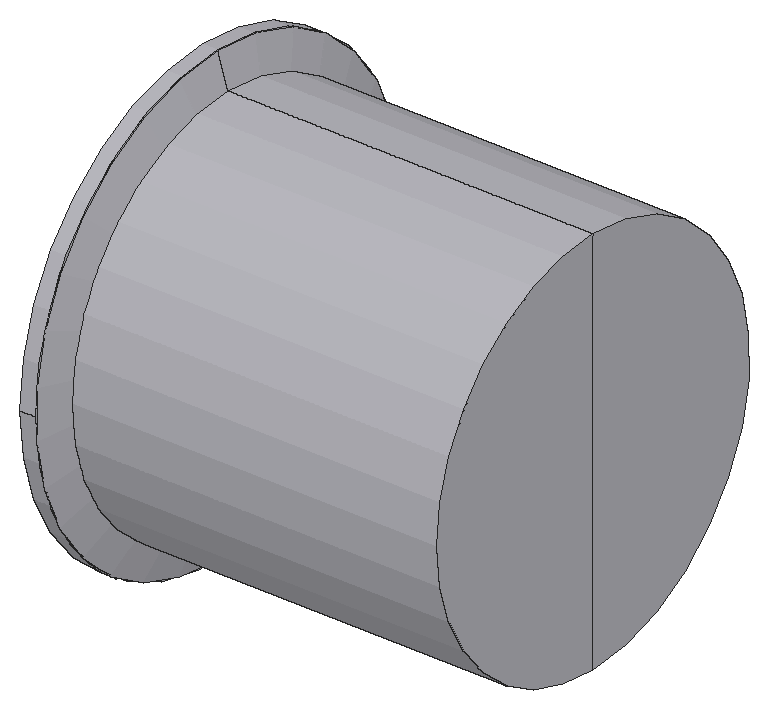
Revit family "14WLMP Sanitary Long Tank Ferrule-304", category Pipe Accessories, Revit 2018
Family settings
  Round Connector Dimension = Use Diameter
  Part Type = Normal
  Work Plane-Based = No
  Always vertical = Yes
  Cut with Voids When Loaded = No
  Shared = No
Parameters (values of type "14WLMP Sanitary Long Tank Ferrule-304")
  void1 [instance] = 0.021"  # constant formula
  pipe radius [instance] = Nominal Diameter / 2  # 2.000"
  Weight [instance] = size_lookup(LookupTable, "Weight", "NA", Nominal Diameter)  # "0.77 lbs."
  URL = "http://www.fnw.com"
  Standards Lookup Table = "Standards"  # constant formula
  R1 [instance] = size_lookup(LookupTable, "R1", 0.000", Nominal Diameter)  # 2.341"
  Product ID [instance] = size_lookup(LookupTable, "ProductID", "NA", Nominal Diameter)  # "4829697"
  Part Number [instance] = size_lookup(LookupTable, "PartNumber", "NA", Nominal Diameter)  # "G14WLMP74P"
  Nominal Diameter [instance] = 4"
  LookupTable = "14WLMP Sanitary Long Tank Ferrule-304"  # constant formula
  FT1 [instance] = size_lookup(LookupTable, "FT1", 0.000", Nominal Diameter)  # 0.156"
  Description BOM [instance] = size_lookup(LookupTable, "Description_BOM", "NA", Nominal Diameter)  # "4 304 CLMPXBW LD TANK FERL #7"
  A [instance] = size_lookup(LookupTable, "A", 0.000", Nominal Diameter)  # 4.000"
Reference planes (in)
  plane 1 "Center (Front/Back)": y = 0
  plane 2: z = 0
  plane 3 "Center (Left/Right)": x = 0
  plane 4: z = 2
  plane 5: x = -2
  plane 6: x = 2
  plane 7: z = 2.341
  plane 8: x = -1.844
Forms (in)
  Extrusion 1, solid, material "Steel, Stainless"
    sketch origin (0, 0, 0) x (0, 1, 0) y (0, 0, 1)
      loop
        circle (0, 0) r 2
      loop
        circle (0, 0) r 2.341
    from -2 to -1.844
  Revolve 2, solid, material "Steel, Stainless"
    sketch origin (0, 0, 0) x (1, 0, 0) y (0, 0, 1)
      loop
        line (-1.74421, 2) -> (-1.844, 2.341) -> (-1.844, 0) -> (2, 0) -> (2, 2) -> (-1.74421, 2)
      axis (2, 0) -> (-1.844, 0)
    angle from 0 to 360
Text (in)
  text "1/2\" shown" at (2.42436, 0, -2.37906), in view "Front"
Dimensions and locks (in)
  equal spacing: plane 6, plane 3 "Center (Left/Right)", plane 5
  "A": plane 6 to plane 5
  "pipe radius": plane 4 to plane 2
  "R1": plane 7 to plane 2
  "FT1": plane 8 to plane 5
  "pipe radius": radius of Extrusion 1 sketch curve
  "R1": radius of Extrusion 1 sketch curve
  aligned and locked: plane 2 to level
  aligned and locked: Extrusion 1 to plane 5
  aligned and locked: Extrusion 1 to plane 8
  aligned and locked: Extrusion 1 to Revolve 2 sketch curve
  aligned and locked: plane 2 to Revolve 2 sketch curve
  aligned and locked: Revolve 2 sketch curve to plane 6
Automatic sketch dimensions
  Revolve 2 sketch curve to level = 0.000"
  Revolve 2 sketch curve to plane 7 = 0.000"
  Revolve 2 sketch curve to plane 5 = 0.33887"
  plane 8 to Revolve 2 sketch curve = 0.09979"
  plane 8 to Revolve 2 sketch curve = 0.15013"
  Revolve 2 sketch curve to plane 4 = 0.000"
  Extrusion 1 sketch curve to Extrusion 1 sketch curve = 0.000"  (x2)
  Extrusion 1 sketch curve to level = 0.000"
  Extrusion 1 sketch curve to plane 1 "Center (Front/Back)" = 0.000"
Connectors (in)
  piping at (-2, 0, 0), diameter 4, driven by "Nominal Diameter"
    settings: on Extrusion 1, index 1, connector inside diameter 24", connector length 0.000", flow factor 0, pipe flow 0 GPM, pressure drop 0.00 psi, fitting loss kfactor 0, connector angle 0.00°, fixture units 0, engagement length 0.000", angle of deflection 0.00°, flow configuration 0, flow direction 0, fitting loss method 0, system type 16, joint type 0, gender type 0, connector reference index -1, connector utility 0, adjustable connector no, is connector primary yes, connector description ""
  piping at (2, 0, 0), diameter 4, driven by "Nominal Diameter"
    settings: on Revolve 2, index 2, connector inside diameter 24", connector length 0.000", flow factor 0, pipe flow 0 GPM, pressure drop 0.00 psi, fitting loss kfactor 0, connector angle 0.00°, fixture units 0, engagement length 0.000", angle of deflection 0.00°, flow configuration 0, flow direction 0, fitting loss method 0, system type 16, joint type 0, gender type 0, connector reference index -1, connector utility 0, adjustable connector no, is connector primary no, connector description ""
